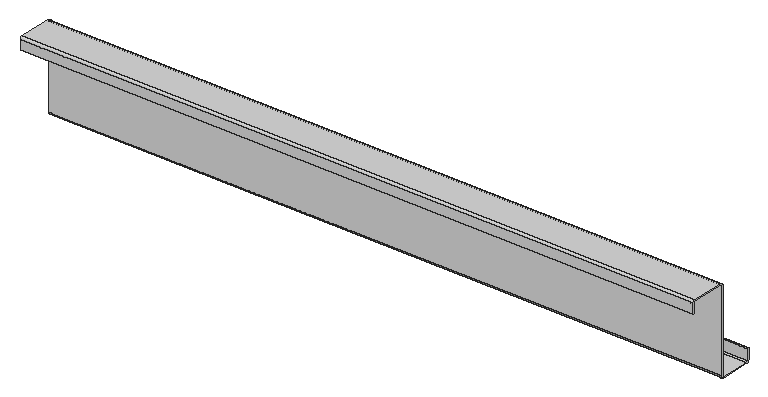
Revit family "M_Manômetro de luz-Zs", category Quadro estrutural, Revit 2019
Family settings
  Arredondamento do comprimento do framing estrutural = 0 mm
  Forma do corte = Não definido
  Material para o comportamento do modelo = Aço
  Exportar sempre como geometria = Não
  Número OmniClass = 23.25.30.11.14.14
  Título OmniClass = Beams
  ID de item do Seek = Light Gauge-Zeds-0000-CAN-ENU
  Sempre na vertical = Sim
  Corte com vazios quando carregada = Não
  Representação simbólica = Das configurações de projeto
  Compartilhado = Não
  Exibir o pré-corte da família na vista da planta = Sim
Parameters (values of type "142 Z 13")
  t = 1.3 mm
  d2 = 21 mm
  d1 = 19 mm
  W = 0
  Structural Material [instance] = Metal - Manômetro de luz
  D = 142 mm
  B2 = 55 mm
  B1 = 60 mm
  Código de montagem = "B10"
  Length [instance] = 1500 mm
  A = 0.00 mm²
Reference planes
  plane 1 "Centro (Frente/Trás)": y = 0
  plane 2: z = 0
  plane 3 "Centro (Esquerda/Direita)": x = 0.008
  plane 4 "Membro esquerdo": x = -556.99
  plane 5 "Membro direito": x = 566.21
  plane 6 "Superior": z = 71
  plane 7: z = -71
  plane 8 "Esquerda": x = -757.39
  plane 9 "Direita": x = 742.61
  plane 10: y = -60
  plane 11: z = -50
  plane 12: z = 52
  plane 13: y = 55
Forms (mm)
  Sweep 1, solid, material "Metal - Manômetro de luz" <- "Structural Material", detail levels medium
    path origin (0, 0.016, 0) x (1, 0, 0) y (0, 1, 0)
      loop
        line (566.21, -0.016) -> (-556.99, -0.016)
    profile origin (4.61, 0, 0) x (0, -1, 0) y (0, 0, 1)
      loop
        line (0, 69.7) -> (58.7, 69.7) -> (58.7, 52) -> (60, 52) -> (60, 71) -> (-1.3, 71) -> (-1.3, -69.7) -> (-53.7, -69.7) -> (-53.7, -50) -> (-55, -50) -> (-55, -71) -> (0, -71) -> (0, 69.7)
  Sweep 2, solid, material "Metal - Manômetro de luz" <- "Structural Material", detail levels fine
    path origin (0, 0.016, 0) x (1, 0, 0) y (0, 1, 0)
      loop
        line (566.21, -0.016) -> (-556.99, -0.016)
    profile origin (4.61, 0, 0) x (0, -1, 0) y (0, 0, 1)
      loop
        arc (0, 67.7) -> (0.586, 69.114) -> (2, 69.7) r 2
        line (2, 69.7) -> (56.7, 69.7)
        arc (56.7, 69.7) -> (58.114, 69.114) -> (58.7, 67.7) r 2
        line (58.7, 67.7) -> (58.7, 52) -> (60, 52) -> (60, 67.7)
        arc (60, 67.7) -> (59.033, 70.033) -> (56.7, 71) r 3.3
        line (56.7, 71) -> (2, 71)
        arc (2, 71) -> (-0.333, 70.033) -> (-1.3, 67.7) r 3.3
        line (-1.3, 67.7) -> (-1.3, -67.7)
        arc (-1.3, -67.7) -> (-1.886, -69.114) -> (-3.3, -69.7) r 2
        line (-3.3, -69.7) -> (-51.7, -69.7)
        arc (-51.7, -69.7) -> (-53.114, -69.114) -> (-53.7, -67.7) r 2
        line (-53.7, -67.7) -> (-53.7, -50) -> (-55, -50) -> (-55, -67.7)
        arc (-55, -67.7) -> (-54.033, -70.033) -> (-51.7, -71) r 3.3
        line (-51.7, -71) -> (-3.3, -71)
        arc (-3.3, -71) -> (-0.967, -70.033) -> (0, -67.7) r 3.3
        line (0, -67.7) -> (0, 67.7)
Lines and regions (mm)
  symbolic lines, style "Faces ocultas", detail levels medium+fine
    curve 1: line (-556.99, 4.763, 69.7) -> (566.21, 4.763, 69.7)
    curve 2: line (-556.99, 4.763, -69.7) -> (566.21, 4.763, -69.7)
    curve 3: line (-556.99, -58.7, 0) -> (566.21, -58.7, 0)
    curve 4: line (566.21, 0, 52) -> (-556.99, 0, 52)
    curve 5: line (566.21, 0, -50) -> (-556.99, 0, -50)
    curve 6: line (-556.99, 53.7, 0) -> (566.21, 53.7, 0)
    curve 12: line (-556.99, 0, 0) -> (566.21, 0, 0)
  symbolic lines, style "Símbolos de vara", detail levels coarse
    curve 7: line (-757.39, 55, -50) -> (-757.39, 55, -71)
    curve 8: line (-757.39, 55, -71) -> (-757.39, 0, -71)
    curve 9: line (-757.39, 0, -71) -> (-757.39, 0, 71)
    curve 10: line (-757.39, 0, 71) -> (-757.39, -60, 71)
    curve 11: line (-757.39, -60, 71) -> (-757.39, -60, 52)
Dimensions and locks
  "Length": plane 8 "Esquerda" to plane 9 "Direita"
  "d2": plane 7 to plane 11
  "d1": plane 12 to plane 6 "Superior"
  "t": Sweep 1 sketch curve to Sweep 1 sketch curve  (x5)
  "D": plane 7 to plane 6 "Superior"
  equal spacing: plane 7, level, plane 6 "Superior"
  "B1": plane 1 "Centro (Frente/Trás)" to plane 10
  "B2": plane 13 to plane 1 "Centro (Frente/Trás)"
  "t": Sweep 2 sketch curve to Sweep 2 sketch curve  (x5)
  "t": curve 2 to Sweep 1
  "t": plane 10 to curve 3
  "t": Sweep 1 to curve 1
  aligned and locked: level to plane 2
  aligned and locked: plane 11 to curve 5
  aligned and locked: plane 12 to curve 4
  aligned and locked: plane 6 "Superior" to Sweep 1 sketch curve
  aligned and locked: Sweep 1 sketch curve to plane 1 "Centro (Frente/Trás)"
  aligned and locked: plane 13 to Sweep 1 sketch curve
  aligned and locked: plane 11 to Sweep 1 sketch curve
  aligned and locked: plane 12 to Sweep 1 sketch curve  (x2)
  aligned and locked: plane 10 to Sweep 1 sketch curve
  aligned and locked: Sweep 1 sketch curve to plane 7
  aligned and locked: plane 11 to Sweep 2 sketch curve
  aligned and locked: plane 6 "Superior" to Sweep 2 sketch curve
  aligned and locked: plane 12 to Sweep 2 sketch curve
  aligned and locked: Sweep 2 sketch curve to Sweep 2 sketch curve
  aligned and locked: profile plane to level
  aligned and locked: Sweep 1 to Sweep 2
  aligned and locked: curve 6 to Sweep 2
  aligned and locked: plane 1 "Centro (Frente/Trás)" to curve 12
  aligned and locked: plane 10 to Sweep 1  (x2)
  aligned and locked: plane 6 "Superior" to curve 10
  aligned and locked: curve 11 to plane 10
  aligned and locked: plane 1 "Centro (Frente/Trás)" to curve 9
  aligned and locked: plane 7 to curve 8
  aligned and locked: curve 7 to plane 13
  aligned and locked: Sweep 2 sketch curve to plane 10
  aligned and locked: plane 13 to Sweep 2 sketch curve
  aligned and locked: Sweep 2 sketch curve to plane 7
  aligned and locked: Sweep 2 sketch curve to plane 1 "Centro (Frente/Trás)"
  aligned and locked: plane 4 "Membro esquerdo" to Sweep 2 sketch curve
  aligned and locked: plane 5 "Membro direito" to Sweep 2 sketch curve
  aligned and locked: plane 4 "Membro esquerdo" to Sweep 1 sketch curve
  aligned and locked: plane 5 "Membro direito" to Sweep 1 sketch curve
  aligned and locked: plane 4 "Membro esquerdo" to curve 6
  aligned and locked: plane 4 "Membro esquerdo" to curve 12
  aligned and locked: plane 4 "Membro esquerdo" to curve 3
  aligned and locked: plane 5 "Membro direito" to curve 12
  aligned and locked: plane 5 "Membro direito" to curve 6
  aligned and locked: plane 5 "Membro direito" to curve 3
  aligned and locked: plane 4 "Membro esquerdo" to curve 2
  aligned and locked: plane 4 "Membro esquerdo" to curve 5
  aligned and locked: plane 4 "Membro esquerdo" to curve 4
  aligned and locked: plane 4 "Membro esquerdo" to curve 1
  aligned and locked: plane 5 "Membro direito" to curve 1
  aligned and locked: plane 5 "Membro direito" to curve 4
  aligned and locked: plane 5 "Membro direito" to curve 5
  aligned and locked: plane 5 "Membro direito" to curve 2
Automatic sketch dimensions
  Sweep 1 sketch curve to plane 1 "Centro (Frente/Trás)" = 0 mm
  plane 1 "Centro (Frente/Trás)" to Sweep 2 sketch curve = 0 mm
  curve 11 to plane 12 = 0 mm
  curve 7 to plane 11 = 0 mm
  Sweep 2 sketch curve to Sweep 2 sketch curve = 0 mm  (x4)
  Sweep 2 sketch curve to Sweep 2 sketch curve = 2 mm  (x3)
  Sweep 2 sketch curve to profile plane = 2 mm
Types in the file's own list only (40): name | t | d2 | d1 | D | B2 | B1
  142 Z 14 | 1 mm | 21 mm | 19 mm | 142 mm | 55 mm | 60 mm
  142 Z 15 | 2 mm | 21 mm | 19 mm | 142 mm | 55 mm | 60 mm
  142 Z 16 | 2 mm | 21 mm | 19 mm | 142 mm | 55 mm | 60 mm
  142 Z 18 | 2 mm | 21 mm | 19 mm | 142 mm | 55 mm | 60 mm
  142 Z 20 | 2 mm | 21 mm | 19 mm | 142 mm | 55 mm | 60 mm
  172 Z 13 | 1 mm | 21 mm | 19 mm | 172 mm | 60 mm | 65 mm
  172 Z 14 | 1 mm | 21 mm | 19 mm | 172 mm | 60 mm | 65 mm
  172 Z 15 | 2 mm | 21 mm | 19 mm | 172 mm | 60 mm | 65 mm
  172 Z 16 | 2 mm | 21 mm | 19 mm | 172 mm | 60 mm | 65 mm
  172 Z 18 | 2 mm | 21 mm | 19 mm | 172 mm | 60 mm | 65 mm
  172 Z 20 | 2 mm | 21 mm | 19 mm | 172 mm | 60 mm | 65 mm
  172 Z 23 | 2 mm | 21 mm | 19 mm | 172 mm | 60 mm | 65 mm
  172 Z 25 | 3 mm | 21 mm | 19 mm | 172 mm | 60 mm | 65 mm
  202 Z 14 | 1 mm | 21 mm | 19 mm | 202 mm | 60 mm | 65 mm
  202 Z 15 | 2 mm | 21 mm | 19 mm | 202 mm | 60 mm | 65 mm
  202 Z 16 | 2 mm | 21 mm | 19 mm | 202 mm | 60 mm | 65 mm
  202 Z 18 | 2 mm | 21 mm | 19 mm | 202 mm | 60 mm | 65 mm
  202 Z 20 | 2 mm | 21 mm | 19 mm | 202 mm | 60 mm | 65 mm
  202 Z 23 | 2 mm | 21 mm | 19 mm | 202 mm | 60 mm | 65 mm
  202 Z 25 | 3 mm | 21 mm | 19 mm | 202 mm | 60 mm | 65 mm
  232 Z 15 | 2 mm | 21 mm | 19 mm | 232 mm | 69 mm | 75 mm
  232 Z 16 | 2 mm | 21 mm | 19 mm | 232 mm | 69 mm | 75 mm
  232 Z 18 | 2 mm | 21 mm | 19 mm | 232 mm | 69 mm | 75 mm
  232 Z 20 | 2 mm | 21 mm | 19 mm | 232 mm | 69 mm | 75 mm
  232 Z 23 | 2 mm | 21 mm | 19 mm | 232 mm | 69 mm | 75 mm
  232 Z 25 | 3 mm | 21 mm | 19 mm | 232 mm | 69 mm | 75 mm
  262 Z 16 | 2 mm | 21 mm | 19 mm | 262 mm | 72 mm | 80 mm
  262 Z 18 | 2 mm | 21 mm | 19 mm | 262 mm | 72 mm | 80 mm
  262 Z 20 | 2 mm | 21 mm | 19 mm | 262 mm | 72 mm | 80 mm
  262 Z 23 | 2 mm | 21 mm | 19 mm | 262 mm | 72 mm | 80 mm
  262 Z 25 | 3 mm | 21 mm | 19 mm | 262 mm | 72 mm | 80 mm
  262 Z 29 | 3 mm | 21 mm | 19 mm | 262 mm | 72 mm | 80 mm
  302 Z 20 | 2 mm | 22 mm | 20 mm | 302 mm | 82 mm | 90 mm
  302 Z 23 | 2 mm | 22 mm | 20 mm | 302 mm | 82 mm | 90 mm
  302 Z 25 | 3 mm | 22 mm | 20 mm | 302 mm | 82 mm | 90 mm
  302 Z 29 | 3 mm | 22 mm | 20 mm | 302 mm | 82 mm | 90 mm
  342 Z 23 | 2 mm | 22 mm | 20 mm | 342 mm | 92 mm | 100 mm
  342 Z 25 | 3 mm | 22 mm | 20 mm | 342 mm | 92 mm | 100 mm
  342 Z 29 | 3 mm | 22 mm | 20 mm | 342 mm | 92 mm | 100 mm
  342 Z 32 | 3 mm | 22 mm | 20 mm | 342 mm | 92 mm | 100 mm
